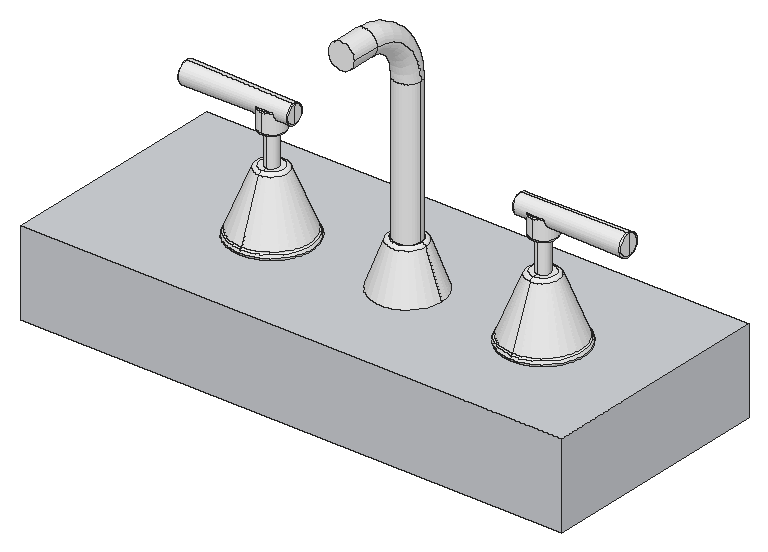
Revit family
Parameters
  URL = "http://caroma.com.au/bathrooms/taps/elegance-lever/elegance-lever-bath-set"
  Tapware Material = Caroma Chrome
  Model = "Elegance Lever Bath Set"
  Manufacturer = "Caroma"
  DesignBy = "DesignContent ©"
  Description = "The Elegance range is engineered to perform at best for years to come"
  Default Elevation = 0 mm
  Author = "GH"
Reference planes
  plane 1 "Center (Front/Back)": y = 0
  plane 2: z = 0
  plane 3 "Center (Left/Right)": x = 0
Forms (mm)
  Extrusion 1, solid
    sketch origin (0, 0, 0) x (1, 0, 0) y (0, 1, 0)
      loop
        line (-219.655, 90) -> (-219.655, -82.291) -> (179.395, -82.291) -> (179.395, 90) -> (-219.655, 90)
    from 0 to -62.093
  Revolve 2, solid, material "Caroma Chrome" <- "Tapware Material", detail levels fine
    sketch origin (0, 0, 0) x (1, 0, 0) y (0, 0, 1)
      loop
        line (0, 140.031) -> (0, 0) -> (25.207, 0) -> (13.563, 31.991)
        arc (13.563, 31.991) -> (12.441, 33.454) -> (10.683, 34.008) r 3.065
        line (10.683, 34.008) -> (9.525, 34.008) -> (9.525, 140.031) -> (0, 140.031)
      axis (0, 140.031) -> (0, 0)
    angle from 0 to 360
  Sweep 3, solid, material "Caroma Chrome" <- "Tapware Material", detail levels fine
    path origin (0, 0, -19.969) x (0, 1, 0) y (0, 0, 1)
      loop
        arc (0, 160) -> (-11.717, 188.284) -> (-40.002, 200) r 40.002
        line (-40.002, 200) -> (-60.7, 200)
    profile origin (0, -50.351, 180.031) x (0, 0, -1) y (1, 0, 0)
      loop
        circle (0, 0) r 9.525
Lines and regions (mm)
  Masking region 1
    outline origin (0, 0, 0) x (1, 0, 0) y (0, 0, 1)
      loop
        line (-9.525, 33.988) -> (-10.747, 33.988)
        arc (-10.747, 33.988) -> (-12.459, 33.448) -> (-13.551, 32.024) r 2.984
        line (-13.551, 32.024) -> (-24.916, 0.801)
        arc (-24.916, 0.801) -> (-24.844, 0.255) -> (-24.355, 0) r 0.597
        line (-24.355, 0) -> (24.355, 0)
        arc (24.355, 0) -> (24.844, 0.255) -> (24.916, 0.801) r 0.597
        line (24.916, 0.801) -> (13.551, 32.024)
        arc (13.551, 32.024) -> (12.459, 33.448) -> (10.747, 33.988) r 2.984
        line (10.747, 33.988) -> (9.525, 33.988) -> (9.525, 180.031)
        arc (9.525, 180.031) -> (0, 189.556) -> (-9.525, 180.031) r 9.525
        line (-9.525, 180.031) -> (-9.525, 33.988)
  Masking region 2
    outline origin (0, 0, 0) x (1, 0, 0) y (0, 1, 0)
      loop
        line (-9.525, -60.7) -> (9.525, -60.7) -> (9.525, -23.338)
        arc (9.525, -23.338) -> (0, 25.207) -> (-9.525, -23.338) r 25.207
        line (-9.525, -23.338) -> (-9.525, -60.7)
  symbolic lines, style "Caroma Tapware"
    curve 1: line (-9.525, 0, 33.988) -> (9.525, 0, 33.988)
    curve 2: arc (-9.525, 0, 180.031) -> (0, 0, 170.506) -> (9.525, 0, 180.031) r 9.525
    curve 3: line (-9.525, -26.753, 0) -> (-9.525, 0, 0)
    curve 4: line (9.525, -26.753, 0) -> (9.525, 0, 0)
    curve 5: arc (-9.525, 0, 0) -> (0, 9.525, 0) -> (9.525, 0, 0) r 9.525
    curve 6: arc (-9.525, -9.998, 0) -> (0, 13.809, 0) -> (9.525, -9.998, 0) r 13.809
    curve 7: line (0, 9.528, 46.377) -> (0, 9.528, 139.929)
    curve 8: line (0, -9.594, 46.377) -> (0, -9.594, 142.285)
    curve 9: arc (0, -41.355, 189.504) -> (0, -5.457, 175.449) -> (0, 9.528, 139.929) r 49.592
    curve 10: line (0, -41.355, 189.504) -> (0, -60.7, 189.504)
    curve 11: line (0, -60.7, 189.504) -> (0, -60.7, 170.403)
    curve 12: line (0, -60.7, 170.403) -> (0, -36.694, 170.403)
    curve 13: arc (0, -9.594, 142.285) -> (0, -18.023, 161.28) -> (0, -36.694, 170.403) r 30.359
Dimensions and locks
  aligned and locked: plane 2 to Extrusion 1
  aligned and locked: level to Extrusion 1
Nested families
  nested 1: "Elengance Tap" at (-100, 0, 0), type "Elengance Tap"
  nested 2: "Elengance Tap" at (100, 0.11, 0) x (-1, 0, 0) z (0, 0, 1), type "Elengance Tap"
Connectors
  piping at (0, 0, 0)
    settings: on Revolve 2, index 1, connector radius 0.3937", flow factor 0, pipe flow 0 GPM, pressure drop 0.00 psi, fitting loss kfactor 0, connector angle 0.00°, fixture units 0, flow configuration 1, flow direction 1, fitting loss method 0, system type 19, connector reference index -1, connector utility 0, adjustable connector no, is connector primary yes, fitting loss table "", connector description ""
  piping at (0, 0, 0)
    settings: on Revolve 2, index 2, connector radius 0.3937", flow factor 0, pipe flow 0 GPM, pressure drop 0.00 psi, fitting loss kfactor 0, connector angle 0.00°, fixture units 0, flow configuration 1, flow direction 1, fitting loss method 0, system type 20, connector reference index -1, connector utility 0, adjustable connector no, is connector primary no, fitting loss table "", connector description ""
Definition of nested family "Elengance Tap"
  Parameters (values of type "Elengance Tap")
    Tap Material = Caroma Chrome
  Reference planes
    plane 1 "Center (Front/Back)": y = 0
    plane 2: z = 0
    plane 3 "Center (Left/Right)": x = 0
  Forms (mm)
    Revolve 1, solid, material "Caroma Chrome" <- "Tap Material", detail levels fine
      sketch origin (0, 0, 0) x (0, 1, 0) y (0, 0, 1)
        loop
          line (0, 0) -> (29.06, 0)
          arc (29.06, 0) -> (29.627, 0.316) -> (29.691, 0.962) r 0.7
          line (29.691, 0.962) -> (28.837, 3.074)
          spline (28.837, 3.074) -> (28.724, 3.241) -> (28.604, 3.354) -> (28.484, 3.424) -> (28.365, 3.465) -> (28.252, 3.488) -> (28.15, 3.506) -> (28.061, 3.531) -> (27.99, 3.575) -> (27.94, 3.65) -> (27.915, 3.769) -> (27.919, 3.944) -> (27.956, 4.187)
          line (27.956, 4.187) -> (11.559, 44.624)
          arc (11.559, 44.624) -> (10.481, 45.968) -> (8.841, 46.5) r 3.007
          line (8.841, 46.5) -> (4.726, 46.5) -> (4.726, 70.805) -> (8.987, 70.805)
          arc (8.987, 70.805) -> (9.364, 71.011) -> (9.488, 71.423) r 0.566
          line (9.488, 71.423) -> (9.488, 85.302)
          arc (9.488, 85.302) -> (9.341, 85.655) -> (8.988, 85.802) r 0.5
          line (8.988, 85.802) -> (0, 85.802) -> (0, 0)
        axis (0, 85.802) -> (0, 0)
      angle from 0 to 360
    Revolve 2, solid, material "Caroma Chrome" <- "Tap Material", detail levels fine
      sketch origin (0, 0, 0) x (1, 0, 0) y (0, 0, 1)
        loop
          arc (-62.364, 93.796) -> (-62.813, 93.615) -> (-63, 93.168) r 0.628
          line (-63, 93.168) -> (-63, 85.805) -> (17, 85.805) -> (17, 92.19)
          arc (17, 92.19) -> (16.821, 92.626) -> (16.387, 92.811) r 0.621
          line (16.387, 92.811) -> (-62.364, 93.796)
        axis (-63, 85.805) -> (17, 85.805)
      angle from 0 to 360
  Cuts and joins
    joined: Revolve 1, Revolve 2
  Lines and regions (mm)
    Masking region 1
      outline origin (0, 0, 0) x (1, 0, 0) y (0, 1, 0)
        loop
          arc (-30.078, -7.6) -> (30.008, 0) -> (-30.078, 7.6) r 30.524
          line (-30.078, 7.6) -> (-62.254, 8.013)
          arc (-62.254, 8.013) -> (-62.774, 7.797) -> (-62.99, 7.276) r 0.736
          line (-62.99, 7.276) -> (-62.99, -7.276)
          arc (-62.99, -7.276) -> (-62.774, -7.797) -> (-62.254, -8.013) r 0.736
          line (-62.254, -8.013) -> (-30.078, -7.6)
    Masking region 2
      outline origin (0, 0, 0) x (1, 0, 0) y (0, 0, 1)
        loop
          line (-4.726, 70.805) -> (-4.726, 46.5) -> (-8.691, 46.5)
          arc (-8.691, 46.5) -> (-10.264, 46.03) -> (-11.321, 44.774) r 2.866
          line (-11.321, 44.774) -> (-27.806, 4.187) -> (-27.031, 3.645) -> (-28.687, 3.074) -> (-29.552, 0.945)
          arc (-29.552, 0.945) -> (-29.484, 0.301) -> (-28.91, 0) r 0.687
          line (-28.91, 0) -> (29.21, 0)
          arc (29.21, 0) -> (29.784, 0.301) -> (29.852, 0.945) r 0.687
          line (29.852, 0.945) -> (28.988, 3.074) -> (27.331, 3.645) -> (28.106, 4.187) -> (11.621, 44.774)
          arc (11.621, 44.774) -> (10.56, 46.033) -> (8.98, 46.5) r 2.866
          line (8.98, 46.5) -> (4.726, 46.5) -> (4.726, 70.805) -> (8.987, 70.805)
          arc (8.987, 70.805) -> (9.388, 71.058) -> (9.489, 71.522) r 0.615
          line (9.489, 71.522) -> (9.489, 78.713) -> (16.339, 78.805)
          arc (16.339, 78.805) -> (16.804, 79.002) -> (16.995, 79.469) r 0.665
          line (16.995, 79.469) -> (16.995, 92.164)
          arc (16.995, 92.164) -> (16.809, 92.617) -> (16.359, 92.809) r 0.644
          line (16.359, 92.809) -> (-62.187, 93.811)
          arc (-62.187, 93.811) -> (-62.755, 93.582) -> (-62.991, 93.017) r 0.794
          line (-62.991, 93.017) -> (-62.991, 78.491)
          arc (-62.991, 78.491) -> (-62.787, 78.003) -> (-62.296, 77.805) r 0.687
          line (-62.296, 77.805) -> (-9.489, 78.475) -> (-9.489, 71.522)
          arc (-9.489, 71.522) -> (-9.388, 71.058) -> (-8.987, 70.805) r 0.615
          line (-8.987, 70.805) -> (-4.726, 70.805)
    Masking region 3
      outline origin (0, 0, 0) x (0, 1, 0) y (0, 0, 1)
        loop
          line (4.876, 70.805) -> (8.981, 70.805)
          arc (8.981, 70.805) -> (9.382, 71.058) -> (9.483, 71.522) r 0.615
          line (9.483, 71.522) -> (9.483, 85.298)
          arc (9.483, 85.298) -> (9.337, 85.652) -> (8.983, 85.798) r 0.5
          line (8.983, 85.798) -> (7.997, 85.798)
          arc (7.997, 85.798) -> (0, 93.795) -> (-7.997, 85.798) r 7.997
          line (-7.997, 85.798) -> (-8.983, 85.798)
          arc (-8.983, 85.798) -> (-9.337, 85.652) -> (-9.483, 85.298) r 0.5
          line (-9.483, 85.298) -> (-9.483, 71.522)
          arc (-9.483, 71.522) -> (-9.382, 71.058) -> (-8.981, 70.805) r 0.615
          line (-8.981, 70.805) -> (-4.888, 70.805) -> (-4.888, 46.5) -> (-8.841, 46.5)
          arc (-8.841, 46.5) -> (-10.414, 46.03) -> (-11.471, 44.774) r 2.866
          line (-11.471, 44.774) -> (-27.956, 4.187) -> (-27.181, 3.645) -> (-28.837, 3.074) -> (-29.702, 0.945)
          arc (-29.702, 0.945) -> (-29.634, 0.301) -> (-29.06, 0) r 0.687
          line (-29.06, 0) -> (29.06, 0)
          arc (29.06, 0) -> (29.634, 0.301) -> (29.702, 0.945) r 0.687
          line (29.702, 0.945) -> (28.837, 3.074) -> (27.181, 3.645) -> (27.956, 4.187) -> (11.471, 44.774)
          arc (11.471, 44.774) -> (10.414, 46.03) -> (8.841, 46.5) r 2.866
          line (8.841, 46.5) -> (4.876, 46.5) -> (4.876, 70.805)
    symbolic lines, style "Caroma Tapware"
      curve 1: line (-30.078, 7.6, 0) -> (16.412, 7.008, 0)
      curve 2: line (17.002, 6.41, 0) -> (17.002, -6.41, 0)
      curve 3: arc (16.412, 7.008, 0) -> (16.83, 6.83, 0) -> (17.002, 6.41, 0) r 0.598
      curve 4: line (-30.078, -7.6, 0) -> (16.412, -7.008, 0)
      curve 5: arc (16.412, -7.008, 0) -> (16.83, -6.83, 0) -> (17.002, -6.41, 0) r 0.598
      curve 6: arc (-6.067, 7.294, 0) -> (0.119, 9.487, 0) -> (6.248, 7.137, 0) r 9.484
      curve 7: arc (-6.067, -7.294, 0) -> (0.119, -9.487, 0) -> (6.248, -7.137, 0) r 9.484
      curve 8: arc (-9.489, 0, 78.539) -> (-7.314, 0, 81.714) -> (-6.097, 0, 85.365) r 13.849
      curve 9: arc (-6.097, 0, 85.365) -> (-5.823, 0, 85.776) -> (-5.336, 0, 85.859) r 0.624
      curve 10: arc (9.489, 0, 78.713) -> (7.419, 0, 81.819) -> (6.253, 0, 85.365) r 13.849
      curve 11: arc (6.253, 0, 85.365) -> (5.979, 0, 85.776) -> (5.493, 0, 85.859) r 0.624
      curve 12: line (-5.336, 0, 85.859) -> (5.493, 0, 85.859)
      curve 13: line (-4.726, 0, 70.868) -> (4.726, 0, 70.868)
      curve 14: line (-4.726, 0, 46.5) -> (4.726, 0, 46.5)
      curve 15: arc (0, 7.997, 85.798) -> (0, 0, 77.801) -> (0, -7.997, 85.798) r 7.997
      curve 16: line (0, 9.488, 71.423) -> (0, -9.488, 71.423)
      curve 17: line (0, 4.876, 70.805) -> (0, -4.888, 70.805)
      curve 18: line (-62.494, 0, 93.797) -> (-62.494, 0, 77.812)
      curve 19: line (0, 28.837, 3.074) -> (0, -28.837, 3.074)
      curve 20: line (0, 27.181, 3.645) -> (0, -27.181, 3.645)
      curve 21: line (0, 27.956, 4.187) -> (0, -27.956, 4.187)
      curve 22: line (0, 4.876, 46.5) -> (0, -4.888, 46.5)
      curve 23: line (-28.687, 0, 3.074) -> (28.988, 0, 3.074)
      curve 24: line (-27.031, 0, 3.645) -> (27.331, 0, 3.645)
      curve 25: line (-27.806, 0, 4.187) -> (28.106, 0, 4.187)
  Dimensions and locks
    aligned and locked: level to plane 2
